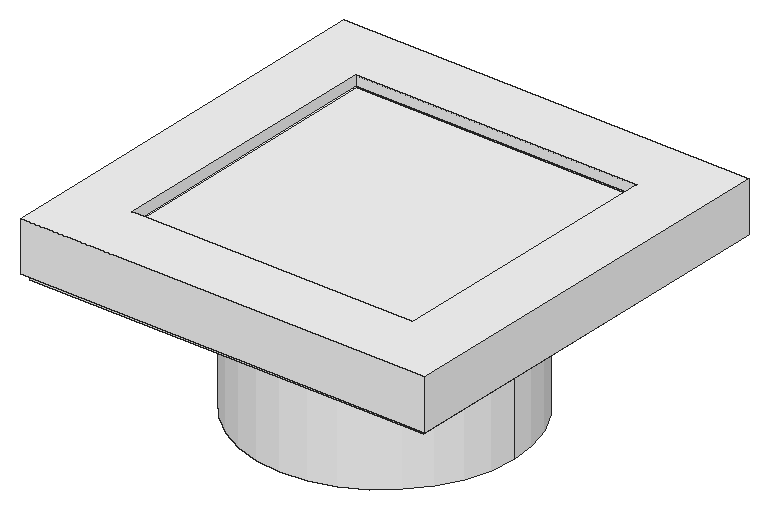
Revit family "Gira_283201", category Electrical Fixtures, host Face, Revit 2017
Family settings
  Host = Face
  Maintain Annotation Orientation = Yes
  Round Connector Dimension = Use Diameter
  Part Type = Normal
  Cut with Voids When Loaded = No
  Shared = No
  Room Calculation Point = No
Parameters (values of type "Rocker sw. BS 3-g off/2-way System 55 cr.white")
  White [instance] = White
  URL = "http://katalog.gira.de/en/datenblatt.html?artikelnr=283201"
  Name = "Rocker sw. BS 3-g off/2-way System 55 cr.white"
  Model = "Sys55_Komplettgerät_Schalten und Tasten"
  Manufacturer URL = "https://www.gira.de/"
  Manufacturer = "Gira"
  Label space/information surface = "No"
  HeinzeBIM = "https://bimportal.heinze.de/bim/rocker-sw-bs-3-g-off-2-way-system-55-cr-white/2235429c5dfe5a81037b955328f90a900e29de40"
  HAN = "283201"
  GTIN = "4010337832010"
  Description = "Rock.sw.BS 3g off 2-w Sys55 CW,British Standard rocker switch (BS EN 60669-1) 3-gang with rockers,System 55, Support ring 71 x 71 mm, universal off 2-way switch,cream white glossy,Features:,- With screw terminals.,,Notes :,- For screw mounting only."
  Default Elevation = 1219.2 mm
  Data sheet (1) = "https://katalog.gira.de/en/download.html?artikelnr=283201"
  Category = "Switch"
  BIM (1) = "https://media.stage.bim.site/public/gira/36a6b08/Sys55_Komplettgerät_Schalten und Tasten.rfa?public/gira/36a6b08/Sys55_Komplettgerät_Schalten und Tasten.rfa"
  Available = "No"
Reference planes
  plane 1 "Center (Front/Back)": y = 0
  plane 2: z = 0
  plane 3 "Center (Left/Right)": x = 0
Forms (mm)
  Extrusion 1, solid, material "White" <- "White", detail levels medium
    sketch origin (0, 0, 0) x (1, 0, 0) y (0, 1, 0)
      loop
        line (-40.4, 40.4) -> (-40.4, -40.4) -> (40.4, -40.4) -> (40.4, 40.4) -> (-40.4, 40.4)
      loop
        line (-28, 28) -> (-28, -28) -> (28, -28) -> (28, 28) -> (-28, 28)
    from 0 to 10
  Extrusion 2, solid, material "White" <- "White", detail levels fine
    sketch origin (0, 0, 0) x (1, 0, 0) y (0, 1, 0)
      loop
        line (-40.4, 40.4) -> (-40.4, -40.4) -> (40.4, -40.4) -> (40.4, 40.4) -> (-40.4, 40.4)
      loop
        line (-28, 28) -> (-28, -28) -> (28, -28) -> (28, 28) -> (-28, 28)
    from 0 to 10
  Extrusion 3, void
    sketch origin (0, 0, 0) x (1, 0, 0) y (0, 1, 0)
      loop
        line (-38.4, 38.4) -> (-38.4, -38.4) -> (38.4, -38.4) -> (38.4, 38.4) -> (-38.4, 38.4)
    from 0 to 8
  Extrusion 4, solid, material "White" <- "White", detail levels medium+fine
    sketch origin (0, 0, 0) x (1, 0, 0) y (0, 1, 0)
      loop
        line (-39.4, 39.4) -> (-39.4, -39.4) -> (39.4, -39.4) -> (39.4, 39.4) -> (-39.4, 39.4)
    from 0 to -1
  Extrusion 5, solid, material "White" <- "White", detail levels medium+fine
    sketch origin (0, 0, 0) x (1, 0, 0) y (0, 1, 0)
      loop
        line (-35.5, 35.5) -> (-35.5, -35.5) -> (35.5, -35.5) -> (35.5, 35.5) -> (-35.5, 35.5)
    from -2 to -3
  Extrusion 6, solid, material "White" <- "White", detail levels medium+fine
    sketch origin (0, 0, 0) x (1, 0, 0) y (0, 1, 0)
      loop
        circle (0, 0) r 26
    from 0 to -27.5
  Extrusion 7, solid, material "White" <- "White", detail levels coarse
    sketch origin (0, 0, 0) x (1, 0, 0) y (0, 1, 0)
      loop
        line (-40.4, 40.4) -> (-40.4, -40.4) -> (40.4, -40.4) -> (40.4, 40.4) -> (-40.4, 40.4)
    from -27.5 to 10
Cuts and joins
  Extrusion 3 cuts Extrusion 2
Dimensions and locks
  aligned and locked: plane 2 to host face
  aligned and locked: level to host face
  aligned and locked: plane 3 "Center (Left/Right)" to nested 2
  aligned and locked: plane 1 "Center (Front/Back)" to nested 2
Nested families
  nested 1: "Sys55_Abdeckung_Schalten und Tasten_floor_base" at (0, 0, 0), type "Sys55_Abdeckung_Schalten und Tasten_floor_base"
  nested 2: "Schalter" at (0, 0, 0), type "Schalter"
Connectors
  electrical at (0, 0, -27.5)
    settings: on Extrusion 6, index 1, voltage 220 V, apparent load 0 VA, apparent load phase1 0 VA, apparent load phase2 0 VA, apparent load phase3 0 VA, power factor 1, load classification "Other", number of poles 1, system type 30, power factor state 1, is connector primary yes, connector utility no, sub classification motor no, connector description ""
Definition of nested family "Sys55_Abdeckung_Schalten und Tasten_floor_base"
  Parameters
    Default Elevation = 1219.2 mm
    White [instance] = none
  Reference planes
    plane 1 "Center (Front/Back)": y = 0
    plane 2: z = 0
    plane 3 "Center (Left/Right)": x = 0
  Forms (mm)
    Extrusion 1, solid
      sketch origin (0, 0, 0) x (1, 0, 0) y (0, 1, 0)
        loop
          line (-1219.2, 1219.2) -> (-1219.2, -1219.2) -> (1219.2, -1219.2) -> (1219.2, 1219.2) -> (-1219.2, 1219.2)
      from 0 to -304.8
    Extrusion 2, solid, material <- "White", detail levels fine
      sketch origin (0, 0, 0) x (1, 0, 0) y (0, 1, 0)
        loop
          line (-27.5, 27.5) -> (-27.5, -27.5) -> (27.5, -27.5) -> (27.5, 27.5) -> (-27.5, 27.5)
      from 0 to 8
    Extrusion 3, void
      sketch origin (0, 0, 0) x (1, 0, 0) y (0, 1, 0)
        loop
          line (26, 26) -> (-26, 26) -> (-26, -26) -> (26, -26) -> (26, 26)
      from 0 to 6
    Extrusion 4, solid, material <- "White", detail levels medium
      sketch origin (0, 0, 0) x (1, 0, 0) y (0, 1, 0)
        loop
          line (-27.5, 27.5) -> (-27.5, -27.5) -> (27.5, -27.5) -> (27.5, 27.5) -> (-27.5, 27.5)
      from 0 to 8
    Extrusion 5, solid, material <- "White", detail levels medium
      sketch origin (0, 0, 0) x (1, 0, 0) y (0, 1, 0)
        loop
          line (11, -17.5) -> (11, 17.5) -> (-11, 17.5) -> (-11, -17.5) -> (11, -17.5)
      from -6 to 6
    Extrusion 6, solid, material <- "White", detail levels fine
      sketch origin (0, 0, 0) x (1, 0, 0) y (0, 1, 0)
        loop
          line (11, 17.5) -> (-11, 17.5) -> (-11, 16.5) -> (11, 16.5) -> (11, 17.5)
        loop
          line (-11, -16.5) -> (-11, -17.5) -> (11, -17.5) -> (11, -16.5) -> (-11, -16.5)
      from -4 to 6
    Extrusion 7, solid, material <- "White", detail levels fine
      sketch origin (0, 0, 0) x (1, 0, 0) y (0, 1, 0)
        loop
          arc (5, 9.347) -> (0, 10.6) -> (-5, 9.347) r 10.6
          line (-5, 9.347) -> (-5, -9.347)
          arc (-5, -9.347) -> (0, -10.6) -> (5, -9.347) r 10.6
          line (5, -9.347) -> (5, 9.347)
      from -6 to 6
    Extrusion 8, solid, material <- "White", detail levels coarse
      sketch origin (0, 0, 0) x (1, 0, 0) y (0, 1, 0)
        loop
          line (-27.5, 27.5) -> (-27.5, -27.5) -> (27.5, -27.5) -> (27.5, 27.5) -> (-27.5, 27.5)
      from -6 to 8
  Cuts and joins
    Extrusion 3 cuts Extrusion 2
  Dimensions and locks
    aligned and locked: plane 2 to Extrusion 1
    aligned and locked: level to Extrusion 1
Definition of nested family "Schalter"
  Reference planes
    plane 1: y = 0
    plane 2: x = 0
  Lines and regions (mm)
    detail lines
      curve 1: circle (1.375, 2.778, 0) r 0.8 normal (0, 0, 1)
      curve 2: line (1.021, 2.061, 0) -> (0, 0, 0)
      curve 3: line (0, 0, 0) -> (-0.538, 0.266, 0)
  Dimensions and locks
    curve 2 to curve 2 = 2.3 mm
    curve 3 to curve 2 = 0.6 mm
    radius of curve 1 = 0.8 mm
